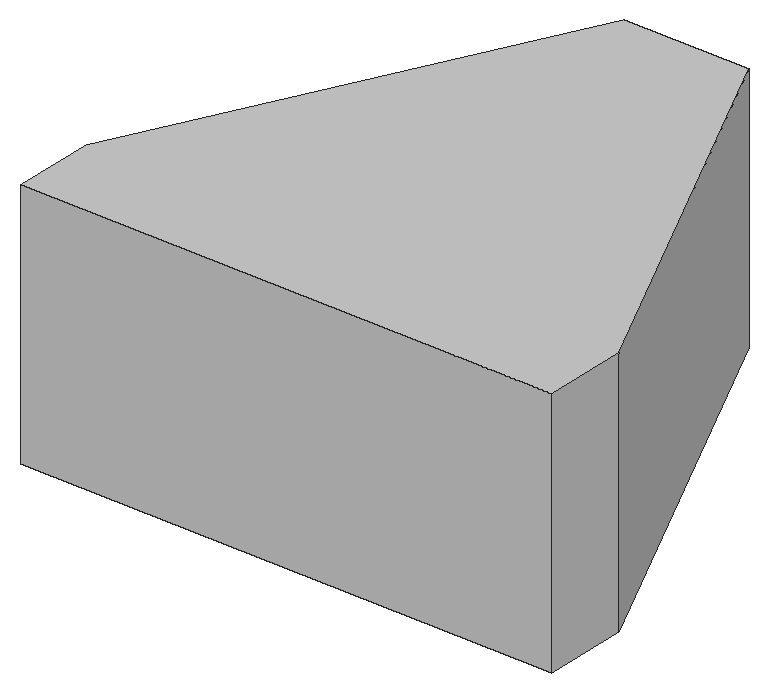
Revit family "4845cc64cfc340d9aa3a0ddd51e51874", category Structural Foundations, Revit 2021
Family settings
  Material for Model Behavior = Concrete
  Cap = No
  OmniClass Number = 23.25.05.11.11.27
  OmniClass Title = Pile Caps
  Seek Item ID = Pile Cap-Triangular-0000-USA-ENU
  Work Plane-Based = No
  Always vertical = Yes
  Cut with Voids When Loaded = No
  Shared = No
Parameters (values of type "62" x 66" x 31"")
  Width = 5' - 6"
  Structural Material [instance] = Concrete, Cast-in-Place gray
  Length = 5' - 2"
  Foundation Thickness = 2' - 7"
  Assembly Code = "A1010100"
  b = 0.75 * x  # 1' - 3.4845"
  x = 0.333 * Length  # 1' - 8.646"
Reference planes (in)
  plane 1 "Center (Front/Back)": y = 0
  plane 2: z = 0
  plane 3 "Center (Left/Right)": x = 0
  plane 4: z = -31
  plane 5: y = 41.354
  plane 6: y = -20.646
  plane 7: x = -33
  plane 8: x = 33
  plane 9: x = -7.74225
  plane 10: x = 7.74225
  plane 11: y = -10.323
Forms (in)
  Extrusion 1, solid, material "Concrete, Cast-in-Place gray" <- "Structural Material"
    sketch origin (0, 0, 0) x (1, 0, 0) y (0, 1, 0)
      loop
        line (-33, -20.646) -> (33, -20.646) -> (33, -10.323) -> (7.74225, 41.354) -> (-7.74225, 41.354) -> (-33, -10.323) -> (-33, -20.646)
    from -31 to 0
Dimensions and locks (in)
  "Foundation Thickness": plane 2 to plane 4
  "Length": plane 6 to plane 5
  equal spacing: plane 7, plane 3 "Center (Left/Right)", plane 8
  "Width": plane 7 to plane 8
  plane 6 to plane 1 "Center (Front/Back)" = 1' - 8.646"
  equal spacing: plane 9, plane 3 "Center (Left/Right)", plane 10
  "x": plane 6 to plane 1 "Center (Front/Back)"
  equal spacing: plane 6, plane 11, plane 1 "Center (Front/Back)"
  "b": plane 9 to plane 10
  aligned and locked: plane 6 to Extrusion 1 sketch curve  (x2)
  aligned and locked: plane 9 to Extrusion 1 sketch curve
  aligned and locked: plane 10 to Extrusion 1 sketch curve
  aligned and locked: plane 5 to Extrusion 1 sketch curve
  aligned and locked: plane 4 to Extrusion 1
  aligned and locked: level to Extrusion 1
  aligned and locked: plane 11 to Extrusion 1 sketch curve  (x2)
  aligned and locked: Extrusion 1 sketch curve to plane 7
  aligned and locked: Extrusion 1 sketch curve to plane 8
